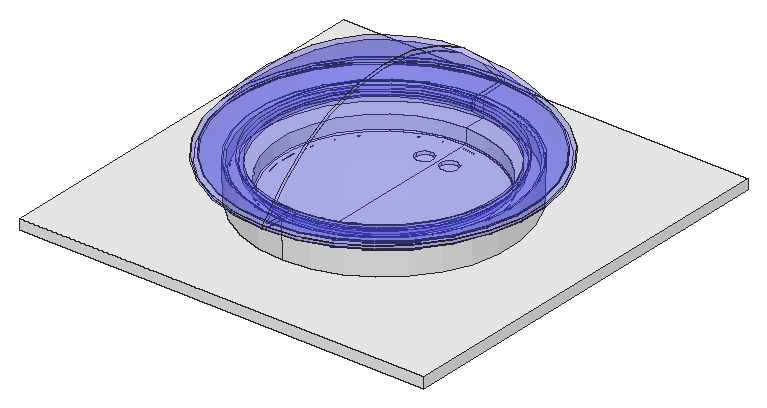
Revit family "BE_24029_de_DE", category Leuchten, Revit 2015
Parameters (values of type "BEGA_24029_Weiß_K4")
  built-in parameter 1150104 = 12.105 (stored number, unit not read)
  Wattage = 14.2 W
  Default Elevation = 0 mm
  built-in parameter 1150113 = 1 (stored number, unit not read)
  built-in parameter 1114218 = 1 (stored number, unit not read)
  Umgebungstemperatur = "25 °C"
  URL = "http://www.bega.de/produkt/24029"
  Typenkommentare = "© 2017 BEGA. Wir behalten uns das Recht vor, technische Änderungen ohne vorherige Ankündigung vorzunehmen."  # constant formula
  Type Image = 24029.png
  built-in parameter 1150134 = 12
  built-in parameter 1150109 = 1 (stored number, unit not read)
  Strom = ""
  built-in parameter 1150110 = 1 (stored number, unit not read)
  Spannung = 239.996 V
  Sonderanfertigung = no
  Seriennummer [instance] = "Hier können Sie die eindeutige Seriennummer für das Facility Management eintragen."
  Schutzklasse = "I"
  Schutzart = "IP 65"
  Scheinlast = 0 VA
  Produktdatenblatt = "http://www.bega.de/download/Xrfa/db/24029.db.de.pdf"
  Oberflächentemperatur = ""
  Neigungswinkel = 0.00°
  Modell = "24029K4"
  Material_17 = BEGA_Reflektor
  Material_15 = BEGA_Leuchtmedium_matt
  Material_11 = BEGA_Glas_opal
  Material_09 = BEGA_Glas_klar
  Material_06 = BEGA_Oberfläche_Edelstahl_gebürstet
  Material_05 = BEGA_Oberfläche_Aluminium Guss
  Material_03 = BEGA_Oberfläche_Weiss_matt
  Material_02 = BEGA_Oberfläche_Silber_matt
  Material_01 [instance] = BEGA_Oberfläche_Grafit_matt
  M_W = yes
  M_G = no
  M_A = no
  Logo = 0
  built-in parameter 1114217 = 1 (stored number, unit not read)
  built-in parameter 1150139 = (empty or 0)
  built-in parameter 1150105 = 472.73 (stored number, unit not read)
  built-in parameter 1150114 = 1 (stored number, unit not read)
  Lumens = 1850.26 lm
  built-in parameter 1150115 = 1 (stored number, unit not read)
  Leuchtenlichtstrom = "1797 lm"
  Leuchtenanzahl = ""
  Lebensdauerkriterien = "L70B50 @ 25 °C = 356000 h"
  Lastklassifizierung = Beleuchtung
  built-in parameter 1150112 = 1 (stored number, unit not read)
  Lampenlichtstrom = "1850 lm"
  Lampe = "LED 14.2 W"
  LED_Modulbezeichnung = "LED-0854/840"
  built-in parameter 1150142 = (empty or 0)
  Hersteller = "BEGA"  # constant formula
  Halbstreuwinkel = ""
  Gewicht = "2.4 kg"
  Gebrauchslageneinschränkung [instance] = ""
  Frequenz = "0/50-60 Hz"
  Farbwiedergabeindex = "Ra > 80"
  Farbtemperaturverschiebung bei Dämpfen der Lampe = <Keine Auswahl>
  Farbtemperatur = "4000 K"
  Color Filter = 16777215
  built-in parameter 1150133 = 10 (stored number, unit not read)
  Energieeffizienzklasse = "LED A++ - A"
  built-in parameter 1150137 = (empty or 0)
  built-in parameter 1150132 = (empty or 0)
  ENEC = ""
  Dimmbar [instance] = "DALI"
  Datei für fotometrisches Netz = "BE_24029K4.IES"
  CE_Konformität = "ja"
  Bestellnummer = "24029K4"
  Beschreibung_Sonderanfertigung = "Hier können Sie Informationen zur Sonderanfertigung eintragen."
  Beschreibung = "Decken- und Wandleuchte"
  built-in parameter 1150106 = 4.7273 (stored number, unit not read)
  Befestigungsbohrung = "Ø 5,5 mm"
  Befestigungsabstand = "234 mm"
  Ballwurfsicher = ""
  BEGA_Intern_aus = yes
  BEGA_Intern_an = yes
  BEGA_Intern_Konstruktion = yes
  BEGA_Intern = yes
  BEGA_IES = yes
  BEGA_Dummy = no
  Anschlussleitung = ""
  Anschlussleistung [instance] = "16.7 W"
  Anschlusskasten = ""
  built-in parameter 1150107 = 4000 (stored number, unit not read)
  built-in parameter 1150102 = (empty or 0)
  built-in parameter 1150138 = (empty or 0)
  Aktualisierung = "2017-07-04T04:09:06"
  Abstand_zur_angestrahlten_Fläche [instance] = ""
  AC/DC = "AC/DC"
Types (2, lengths in mm): name | built-in parameter 1150134 | Modell | LED_Modulbezeichnung | Farbtemperatur | Datei für fotometrisches Netz | Bestellnummer | built-in parameter 1150107
  BEGA_24029_Weiß_K3 | (empty or 0) | "24029" | "LED-0854/830 " | "3000 K" | "BE_24029.IES" | "24029" | 3000 (stored number, unit not read)
  BEGA_24029_Weiß_K4 | 12 | "24029K4" | "LED-0854/840" | "4000 K" | "BE_24029K4.IES" | "24029K4" | 4000 (stored number, unit not read)
Reference planes
  plane 1 "Mitte (Vorne/Hinten)": y = 0
  plane 2: z = 0
  plane 3 "Mitte (Links/Rechts)": x = 0
  plane 4 "Links": x = -150
  plane 5 "Rechts": x = 150
  plane 6 "Unten": y = -150
  plane 7 "Oben": y = 150
  plane 8 "Vorne": z = 119
  plane 9 "Hinten": z = 0
Forms (mm)
  Extrusion 1, solid, material "BEGA_Platte_Weiss"
    sketch origin (0, -1119.2, 0) x (1, 0, 0) y (0, 1, 0)
      loop
        line (-200, 1319.2) -> (-200, 919.2) -> (200, 919.2) -> (200, 1319.2) -> (-200, 1319.2)
    from 0 to -10
  Extrusion 2, solid, material "BEGA_Dummy_matt", visible <- "BEGA_Dummy"
    sketch origin (77.149, -76.023, 0) x (1, 0, 0) y (0, 1, 0)
      loop
        circle (-77.149, 76.023) r 150
    from 0 to 119
Dimensions and locks
  plane 1 "Mitte (Vorne/Hinten)" to Extrusion 1 = 200 mm
  aligned and locked: plane 2 to Extrusion 1
  aligned and locked: level to Extrusion 1
Nested families
  nested 1: "BE_24029" at (0, 0, 0), type "BE_24029"
Connectors
  electrical at (0, 0, 0), driven by "Lastklassifizierung", driven by "Spannung", driven by "Scheinlast"
    settings: index 1, voltage 239.996 V, apparent load 0 VA, apparent load phase1 0 VA, apparent load phase2 0 VA, apparent load phase3 0 VA, power factor 1, load classification "Beleuchtung", number of poles 1, system type 31, power factor state 1, is connector primary yes, connector utility no, sub classification motor no, connector description ""
Definition of nested family "BE_24029"
  Parameters (values of type "BE_24029")
    Default Elevation = 1 mm
    URL = "http://www.bega.de/de/produkt"
    Type Comments = "© 2015 BEGA. Wir behalten uns das Recht vor, technische Änderungen ohne vorherige Ankündigung vorzunehmen. "  # constant formula
    Type Image = (empty or 0)
    Neigungswinkel_um_Z2 = 0.00°
    Neigungswinkel_um_Z1 = 0.00°
    Neigungswinkel_um_Y2 = 0.00°
    Neigungswinkel_um_Y1 = 0.00°
    Neigungswinkel_um_X2 = 0.00°
    Neigungswinkel_um_X1 = 0.00°
    Material_17 = none
    Material_15 = none
    Material_11 = none
    Material_09 = none
    Material_06 = none
    Material_05 = none
    Material_03 = none
    Material_02 = none
    Material_01 = none
    M_W = yes
    M_G = yes
    M_A = yes
    Länge_Platte = 400 mm  # constant formula
    Höhe_Platte = -10 mm  # constant formula
    Manufacturer = "BEGA"  # constant formula
    Drehwinkel_um_Z2 = 0.00°
    Drehwinkel_um_Z1 = 0.00°
    Breite_Platte = 400 mm  # constant formula
  Reference planes
    plane 1 "Mitte (Oben/Unten)": y = 0
    plane 2: z = 0
    plane 3 "Mitte (Links/Rechts)": x = 0
    plane 4: y = -150
    plane 5: z = 119
    plane 6: y = 150
    plane 7: x = -150
    plane 8: x = 150
  Forms (mm)
    Extrusion 1, solid, detail levels medium
      sketch origin (0, 0, 0) x (1, 0, 0) y (0, 1, 0)
        loop
          line (-200, 200) -> (-200, -200) -> (200, -200) -> (200, 200) -> (-200, 200)
      from 0 to -10 <- "Höhe_Platte"
    Revolve 2, solid, material <- "Material_03", detail levels medium+fine
      sketch origin (0, 0, 0) x (0, 1, 0) y (0, 0, 1)
        loop
          line (0, 1.5) -> (0, 4) -> (-100.266, 4)
          arc (-100.266, 4) -> (-100.961, 4.281) -> (-101.265, 4.966) r 1
          line (-101.265, 4.966) -> (-101.721, 18) -> (-122.57, 18) -> (-122.301, 33.371) -> (-124.43, 35.5) -> (-125.5, 35.5) -> (-124.889, 0.5) -> (-122.875, 0.5) -> (-122.613, 15.5) -> (-105.101, 15.5)
          arc (-105.101, 15.5) -> (-104.405, 15.219) -> (-104.101, 14.534) r 1
          line (-104.101, 14.534) -> (-103.645, 1.466)
          arc (-103.645, 1.466) -> (-103.34, 0.781) -> (-102.645, 0.5) r 1
          line (-102.645, 0.5) -> (-98.918, 0.5)
          arc (-98.918, 0.5) -> (-98.418, 0.634) -> (-98.05, 1) r 1
          arc (-98.05, 1) -> (-97.684, 1.366) -> (-97.184, 1.5) r 1
          line (-97.184, 1.5) -> (0, 1.5)
        axis (0, 35.5) -> (0, 0.5)
      angle from 0 to 360
    Revolve 3, solid, material <- "Material_03", detail levels medium+fine
      sketch origin (117, 0, 0) x (0, 1, 0) y (0, 0, 1)
        loop
          line (-2.5, 0) -> (-2.5, 16.045) -> (-7.987, 16.045) -> (-6.932, 0.947)
          arc (-6.932, 0.947) -> (-6.61, 0.274) -> (-5.916, 0) r 1.018
          line (-5.916, 0) -> (-2.5, 0)
        axis (0, 16.045) -> (0, 0)
      angle from 0 to 360
    Extrusion 4, void
      sketch origin (0, 0, 0) x (1, 0, 0) y (0, 1, 0)
        loop
          circle (-12.315, 65.823) r 8.5
        loop
          circle (12.315, 65.823) r 8.5
      from 0 to 9
    Revolve 5, solid, material <- "Material_11", detail levels medium+fine
      sketch origin (0, 0, 0) x (0, 1, 0) y (0, 0, 1)
        loop
          arc (0, 119) -> (-84.138, 98.515) -> (-149.442, 41.647) r 183.033
          arc (-149.442, 41.647) -> (-149.685, 38.566) -> (-147.079, 36.905) r 3
          line (-147.079, 36.905) -> (-114.448, 36.051)
          arc (-114.448, 36.051) -> (-113.067, 35.447) -> (-112.5, 34.052) r 2
          line (-112.5, 34.052) -> (-112.5, 29) -> (-108.5, 29) -> (-108.5, 34.052)
          arc (-108.5, 34.052) -> (-110.201, 38.237) -> (-114.339, 40.05) r 6
          line (-114.339, 40.05) -> (-143.184, 40.805)
          arc (-143.184, 40.805) -> (-144.051, 41.353) -> (-143.979, 42.376) r 1
          arc (-143.979, 42.376) -> (-80.629, 95.816) -> (0, 115) r 179.033
          line (0, 115) -> (0, 119)
        axis (0, 119) -> (0, 29)
      angle from 0 to 360
    Revolve 6, solid, material <- "Material_03", detail levels medium+fine
      sketch origin (-117, 0, 0) x (0, 1, 0) y (0, 0, -1)
        loop
          line (-2.5, 0) -> (-5.916, 0)
          arc (-5.916, 0) -> (-6.61, -0.274) -> (-6.932, -0.947) r 1.018
          line (-6.932, -0.947) -> (-7.987, -16.045) -> (-2.5, -16.045) -> (-2.5, 0)
        axis (0, -16.045) -> (0, 0)
      angle from 0 to 360
  Cuts and joins
    Extrusion 4 cuts Revolve 2
    Extrusion 4 cuts Revolve 3
    joined: Revolve 2, Revolve 3, Revolve 6
  Dimensions and locks
    equal spacing: Extrusion 1 sketch curve, plane 3 "Mitte (Links/Rechts)", Extrusion 1 sketch curve
    equal spacing: Extrusion 1 sketch curve, plane 1 "Mitte (Oben/Unten)", Extrusion 1 sketch curve
    "Länge_Platte": Extrusion 1 sketch curve to Extrusion 1 sketch curve
    "Breite_Platte": Extrusion 1 sketch curve to Extrusion 1 sketch curve
    aligned and locked: plane 2 to Extrusion 1
    aligned and locked: level to Extrusion 1
  Automatic sketch dimensions
    Revolve 2 sketch curve to plane 1 "Mitte (Oben/Unten)" = 0 mm  (x2)
    level to Revolve 2 sketch curve = 1.5 mm  (x2)
    Revolve 2 sketch curve to Revolve 2 sketch curve = 1.734 mm
    Revolve 2 sketch curve to Revolve 2 sketch curve = 1.348 mm
    level to Revolve 2 sketch curve = 4.966 mm
    Revolve 2 sketch curve to Revolve 2 sketch curve = 0.999 mm  (x3)
    Revolve 2 sketch curve to Revolve 2 sketch curve = 0.455 mm
    Revolve 2 sketch curve to Revolve 2 sketch curve = 2.379 mm
    level to Revolve 2 sketch curve = 1.466 mm
    Revolve 2 sketch curve to Revolve 2 sketch curve = 2.38 mm
    level to Revolve 2 sketch curve = 0.5 mm  (x3)
    Revolve 2 sketch curve to Revolve 2 sketch curve = 1 mm
    Revolve 2 sketch curve to Revolve 2 sketch curve = 2.5 mm  (x2)
    Revolve 2 sketch curve to Revolve 2 sketch curve = 9.534 mm
    Revolve 2 sketch curve to Revolve 2 sketch curve = 0.034 mm
    Revolve 2 sketch curve to Revolve 2 sketch curve = 15.371 mm
    Revolve 2 sketch curve to Revolve 2 sketch curve = 2.129 mm  (x2)
    level to Revolve 2 sketch curve = 1 mm
    Revolve 2 sketch curve to Revolve 2 sketch curve = 0.002 mm
    Revolve 2 sketch curve to Revolve 2 sketch curve = 0 mm  (x2)
    Revolve 2 sketch curve to level = 2 mm
    Revolve 3 sketch curve to level = 0 mm  (x2)
    Revolve 3 sketch curve to plane 1 "Mitte (Oben/Unten)" = 0 mm
    Revolve 3 sketch curve to Revolve 3 sketch curve = 2.5 mm
    level to Revolve 3 sketch curve = 1.018 mm
    Revolve 3 sketch curve to Revolve 3 sketch curve = 3.416 mm
    level to Revolve 3 sketch curve = 0.947 mm
    Revolve 3 sketch curve to Revolve 3 sketch curve = 5.487 mm
    Revolve 3 sketch curve to Revolve 3 sketch curve = 15.098 mm
    Revolve 3 sketch curve to Revolve 3 sketch curve = 3.047 mm
    Extrusion 4 sketch curve to plane 3 "Mitte (Links/Rechts)" = 12.315 mm
    plane 3 "Mitte (Links/Rechts)" to Extrusion 4 sketch curve = 12.315 mm
    Extrusion 4 sketch curve to plane 1 "Mitte (Oben/Unten)" = 65.823 mm
    Extrusion 4 sketch curve to Extrusion 4 sketch curve = 0 mm
    Revolve 5 sketch curve to plane 1 "Mitte (Oben/Unten)" = 0 mm  (x3)
    Revolve 6 sketch curve to level = 0 mm  (x2)
    Revolve 6 sketch curve to plane 1 "Mitte (Oben/Unten)" = 0 mm
    Revolve 6 sketch curve to Revolve 6 sketch curve = 2.5 mm
    level to Revolve 6 sketch curve = 1.018 mm
    Revolve 6 sketch curve to Revolve 6 sketch curve = 3.416 mm
    level to Revolve 6 sketch curve = 0.947 mm
    Revolve 6 sketch curve to Revolve 6 sketch curve = 5.487 mm
    Revolve 6 sketch curve to Revolve 6 sketch curve = 15.027 mm
    Revolve 6 sketch curve to Revolve 6 sketch curve = 3.047 mm
    Revolve 5 sketch curve to Revolve 5 sketch curve = 12.396 mm
    plane 1 "Mitte (Oben/Unten)" to Revolve 5 sketch curve = 0 mm
    Revolve 5 sketch curve to level = 64.033 mm
    Revolve 5 sketch curve to Revolve 5 sketch curve = 0 mm  (x13)
    Revolve 5 sketch curve to Revolve 5 sketch curve = 5.464 mm
    level to Revolve 5 sketch curve = 42.376 mm
    Revolve 5 sketch curve to Revolve 5 sketch curve = 0.729 mm
    Revolve 5 sketch curve to Revolve 5 sketch curve = 2.442 mm
    Revolve 5 sketch curve to Revolve 5 sketch curve = 1.742 mm
    Revolve 5 sketch curve to Revolve 5 sketch curve = 0.079 mm
    Revolve 5 sketch curve to Revolve 5 sketch curve = 0.821 mm
    Revolve 5 sketch curve to Revolve 5 sketch curve = 0.572 mm
    Revolve 5 sketch curve to Revolve 5 sketch curve = 0.026 mm
    Revolve 5 sketch curve to Revolve 5 sketch curve = 4.754 mm
    Revolve 5 sketch curve to Revolve 5 sketch curve = 0.052 mm
    Revolve 5 sketch curve to Revolve 5 sketch curve = 0.109 mm
    Revolve 5 sketch curve to Revolve 5 sketch curve = 1.999 mm
    Revolve 5 sketch curve to Revolve 5 sketch curve = 3.999 mm
    Revolve 5 sketch curve to Revolve 5 sketch curve = 2 mm
    Revolve 5 sketch curve to Revolve 5 sketch curve = 5.052 mm
    Revolve 5 sketch curve to Revolve 5 sketch curve = 4 mm
    Revolve 2 sketch curve to Revolve 2 sketch curve = 97.184 mm
    Revolve 2 sketch curve to Revolve 2 sketch curve = 17.201 mm
    Revolve 2 sketch curve to Revolve 2 sketch curve = 0.268 mm
    Revolve 2 sketch curve to Revolve 2 sketch curve = 0.044 mm
    Revolve 2 sketch curve to Revolve 2 sketch curve = 0.262 mm
    Revolve 2 sketch curve to Revolve 2 sketch curve = 2.014 mm
    Revolve 2 sketch curve to Revolve 2 sketch curve = 1.07 mm
    plane 1 "Mitte (Oben/Unten)" to Revolve 5 sketch curve = 108.5 mm
    Revolve 5 sketch curve to Revolve 5 sketch curve = 28.82 mm
    Revolve 5 sketch curve to Revolve 5 sketch curve = 28.396 mm
    radius of Extrusion 4 sketch curve = 8.5 mm  (x2)
